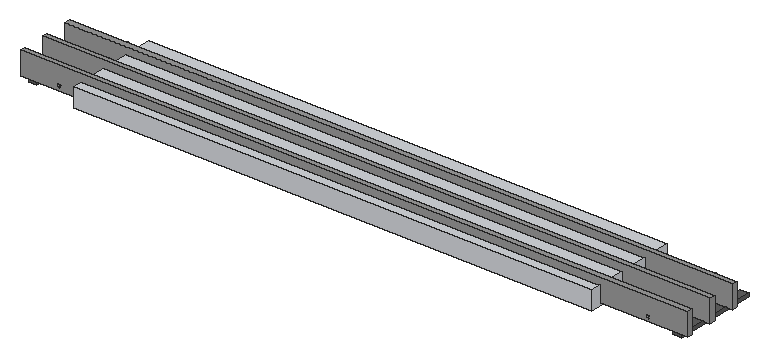
Revit family "1214-3, Veneer", category Generic Models, host Face, Revit 2020
Family settings
  Host = Face
  Can host rebar = No
  Round Connector Dimension = Use Diameter
  Part Type = Normal
  Cut with Voids When Loaded = No
  Shared = No
  Room Calculation Point = No
Parameters
  min_value [instance] = 1' - 11 1/4"  # constant formula
  max_value [instance] = 9' - 11 1/4"  # constant formula
  actual_value [instance] = if(NET LENGTH < min_value, min_value, if(NET LENGTH > max_value, max_value, NET LENGTH))  # 7' - 11 1/4"
  NET LENGTH [instance] = 7' - 11 1/4"
  IMPORTANT NOTE!!!                                                                             *Backer & dowel layout is for visualization purposes only, final layout to be determined by 9Wood. [instance] = ""
  Default Elevation = 4' - 0"
  DOWEL RADIUS [instance] = 0' - 0 1/4"  # constant formula
  BACKING M MATERIAL [instance] = BLACK-BACKERS
  .. MEMBER WIDTH [instance] = 0' - 0 3/4"  # constant formula
  .. MEMBER MATERIAL [instance] = WESTERN HEMLOCK
  .. MEMBER DEPTH [instance] = 0' - 3 1/4"  # constant formula
  .. MEMBER COUNT [instance] = 3  # constant formula
Reference planes (in)
  plane 1 "Center (Front/Back)": y = 0
  plane 2: z = 2.726
  plane 3 "Center (Left/Right)": x = 0
Forms (in)
  Extrusion 1, solid
    sketch origin (15, -0.86619, -0.99308) x (0, 1, 0) y (-1, 0, 0)
      loop
        line (3.42869, -23.66817) -> (3.42869, 50.25) -> (-10, 50.25) -> (-10, -23.66817) -> (3.42869, -23.66817)
    from 3.71908 to 1.00111
Dimensions and locks (in)
  aligned and locked: plane 2 to Extrusion 1
Nested families (in)
  nested 1: "1200 Series" at (-44, -2, 1.87867), NET LENGTH <- "actual_value", DOWEL RADII <- "DOWEL RADIUS", .. MEMBER WIDTH <- ".. MEMBER WIDTH", .. MEMBER DEPTH <- ".. MEMBER DEPTH", .. MEMBER MATERIAL <- ".. MEMBER MATERIAL", BACKING M MATERIAL <- "BACKING M MATERIAL", .. MEMBER COUNT <- ".. MEMBER COUNT", type "1200 Series"
    with X 7' - 4", WIDTH 1' - 0 1/16", Space 0' - 0 11/16", START 0' - 0 3/8", SCRIM MATERIAL SCRIM, SCRIM 3 8' - 1", SCRIM 2 0' - 0 7/8", SCRIM 1 0' - 0 3/32", SCRIM yes, NET LENGTH 7' - 11 1/4", N 8, INSET 3 0' - 0 3/16", INSET 0' - 1", INDEX 0' - 5 5/8", END BACKER yes, DOWEL RADII 0' - 0 1/4", DOWEL COUNT 8, BACKING M WIDTH 0' - 1 1/4", BACKING M MATERIAL BLACK-BACKERS, BACKING M LENGTH 0' - 11 7/8", BACKING M DEPTH 0' - 0 1/2", .. MEMBER WIDTH 0' - 0 3/4", .. MEMBER OC TYP 0' - 4", .. MEMBER MATERIAL WESTERN HEMLOCK, .. MEMBER DEPTH 0' - 3 1/4", .. MEMBER COUNT 3
Definition of nested family "1200 Series"
  Parameters (values of type "1200 Series")
    X [instance] = NET LENGTH - (0' 3 5/8" * 2)  # 6' - 2"
    WIDTH [instance] = 1' - 0 1/16"
    Space [instance] = 0' - 0 11/16"  # constant formula
    START [instance] = .. MEMBER WIDTH / 2  # 0' - 0 3/8"
    SCRIM MATERIAL [instance] = none
    SCRIM 3 [instance] = NET LENGTH + (SCRIM 2 * 2)  # 6' - 11"
    SCRIM 2 [instance] = 0' - 0 7/8"
    SCRIM 1 [instance] = 0' - 0 3/32"
    SCRIM [instance] = yes
    NET LENGTH [instance] = 6' - 9 1/4"
    N [instance] = if((X - (rounddown(X / 1' 0") * 1' 0")) > 1' 0", rounddown(X / 1' 0") + 2, rounddown(X / 1' 0") + 1)  # 7
    INSET 3 [instance] = 0' - 0 3/16"
    INSET [instance] = 0' - 1"
    INDEX [instance] = (NET LENGTH - ((N - 1) * 1' 0")) / 2  # 0' - 4 5/8"
    END BACKER [instance] = yes
    Default Elevation = 0' - 0"
    DOWEL RADII [instance] = 0' - 0 1/4"
    DOWEL COUNT [instance] = N  # 7
    BACKING M WIDTH [instance] = 0' - 1 1/4"
    BACKING M MATERIAL [instance] = none
    BACKING M LENGTH [instance] = 0' - 11 7/8"
    BACKING M DEPTH [instance] = 0' - 0 1/2"
    .. MEMBER WIDTH [instance] = 0' - 0 3/4"
    .. MEMBER OC TYP [instance] = 1' 0" / .. MEMBER COUNT  # 0' - 3"
    .. MEMBER MATERIAL [instance] = none
    .. MEMBER DEPTH [instance] = 0' - 1 3/8"
    .. MEMBER COUNT [instance] = 4
  Reference planes (in)
    plane 1 "Center (Front/Back)": y = -7.5
    plane 2: z = 0
    plane 3 "Center (Left/Right)": x = 0
    plane 4: x = 1
    plane 5: x = 4.625
    plane 6: x = 81.25
    plane 7: x = 80.25
    plane 8: x = 16.625
    plane 9: y = -7.3125
    plane 10: y = -4.125
    plane 11: y = -7.125
    plane 12: y = 4.5625
    plane 13: y = -4.5
    plane 14: y = -7.59375
    plane 15: x = 82.125
    plane 16: y = 4.65625
    plane 17: x = -0.875
    plane 18: z = -1.375
    plane 19: z = -0.6875
  Lines and regions (in)
    model lines
      curve 1: line (4.375, -7.5, -0.6875) -> (4.875, -7.5, -0.6875)
    model lines, not visible
      curve 2: line (4.625, -7.5, -0.9375) -> (4.625, -7.5, -0.4375)
      curve 3: line (4.375, -7.5, -0.6875) -> (4.875, -7.5, -0.6875)
      curve 4: line (16.625, -7.5, -0.9375) -> (16.625, -7.5, -0.4375)
      curve 5: line (16.375, -7.5, -0.6875) -> (16.875, -7.5, -0.6875)
      curve 6: line (28.625, -7.5, -0.9375) -> (28.625, -7.5, -0.4375)
      curve 7: line (28.375, -7.5, -0.6875) -> (28.875, -7.5, -0.6875)
      curve 8: line (40.625, -7.5, -0.9375) -> (40.625, -7.5, -0.4375)
      curve 9: line (40.375, -7.5, -0.6875) -> (40.875, -7.5, -0.6875)
      curve 10: line (52.625, -7.5, -0.9375) -> (52.625, -7.5, -0.4375)
      curve 11: line (52.375, -7.5, -0.6875) -> (52.875, -7.5, -0.6875)
      curve 12: line (64.625, -7.5, -0.9375) -> (64.625, -7.5, -0.4375)
      curve 13: line (64.375, -7.5, -0.6875) -> (64.875, -7.5, -0.6875)
      curve 14: line (76.625, -7.5, -0.9375) -> (76.625, -7.5, -0.4375)
      curve 15: line (76.375, -7.5, -0.6875) -> (76.875, -7.5, -0.6875)
  Dimensions and locks (in)
    "NET LENGTH": plane 3 "Center (Left/Right)" to plane 6
    "INSET": plane 7 to plane 6
    "INDEX": plane 3 "Center (Left/Right)" to plane 5
    plane 5 to plane 8 = 1' - 0"
    "INSET 3": plane 1 "Center (Front/Back)" to plane 9
    equal spacing: group 1, group 2, group 3, group 4  (x3)
    "START": plane 11 to plane 1 "Center (Front/Back)"
    ".. MEMBER OC TYP": plane 10 to plane 11
    "WIDTH": plane 12 to plane 1 "Center (Front/Back)"
    "START": plane 10 to plane 13
    "SCRIM 1": plane 14 to plane 1 "Center (Front/Back)"
    "SCRIM 2": plane 6 to plane 15
    "SCRIM 1": plane 12 to plane 16
    "SCRIM 2": plane 17 to plane 3 "Center (Left/Right)"
    "INSET": plane 3 "Center (Left/Right)" to plane 4
    equal spacing: group 5, group 6, group 7, group 8, group 9, group 10, group 11  (x3)
    "Space": plane 19 to plane 18
    aligned and locked: level to plane 2
    aligned and locked: nested 1 to plane 4  (x2)
    aligned and locked: plane 7 to nested 2
    aligned and locked: plane 5 to nested 3
    aligned and locked: nested 1 to plane 9
    aligned and locked: plane 1 "Center (Front/Back)" to nested 4
    aligned and locked: plane 9 to nested 2
    aligned and locked: plane 13 to nested 5
    aligned and locked: nested 3 to plane 9
    aligned and locked: plane 18 to nested 1
    aligned and locked: plane 19 to nested 3
    aligned and locked: curve 1 to plane 19
    aligned and locked: plane 8 to curve 4
    aligned and locked: curve 5 to plane 19
    aligned and locked: nested 4 to plane 18
  Automatic sketch dimensions
    curve 1 to curve 1 = 0' - 0 1/2"
    curve 1 to plane 5 = 0' - 0 1/4"
    plane 5 to curve 1 = 0' - 0 1/4"
    curve 3 to curve 2 = 0' - 0 1/4"  (x2)
    curve 2 to curve 3 = 0' - 0 1/4"  (x2)
    curve 5 to curve 4 = 0' - 0 1/4"  (x2)
    curve 4 to curve 5 = 0' - 0 1/4"  (x2)
    curve 7 to curve 6 = 0' - 0 1/4"  (x2)
    curve 6 to curve 7 = 0' - 0 1/4"  (x2)
    curve 9 to curve 8 = 0' - 0 1/4"  (x2)
    curve 8 to curve 9 = 0' - 0 1/4"  (x2)
    curve 11 to curve 10 = 0' - 0 1/4"  (x2)
    curve 10 to curve 11 = 0' - 0 1/4"  (x2)
    curve 13 to curve 12 = 0' - 0 1/4"  (x2)
    curve 12 to curve 13 = 0' - 0 1/4"  (x2)
    curve 15 to curve 14 = 0' - 0 1/4"  (x2)
    curve 14 to curve 15 = 0' - 0 1/4"  (x2)
  Nested families (in)
    nested 1: "INSTANCE - 2ND -  EXTEND SIDE H CENTER W - Parametric Cube" at (1, -1.375, -1.375) x (0, -1, 0) z (0, 0, 1), Width <- "BACKING M LENGTH", Length <- "BACKING M WIDTH", Material <- "BACKING M MATERIAL", Height <- "BACKING M DEPTH", visible <- "END BACKER", type "INSTANCE - 2ND -  EXTEND SIDE H CENTER W - Parametric Cube"
      with Width 0' - 11 7/8", Material none, Length 0' - 1 1/4", Height 0' - 0 1/2"
    nested 2: "INSTANCE - 2ND -  EXTEND SIDE H CENTER W - Parametric Cube" at (80.25, -1.375, -1.375) x (0, -1, 0) z (0, 0, 1), Width <- "BACKING M LENGTH", Length <- "BACKING M WIDTH", Material <- "BACKING M MATERIAL", Height <- "BACKING M DEPTH", visible <- "END BACKER", type "INSTANCE - 2ND -  EXTEND SIDE H CENTER W - Parametric Cube"
      with Width 0' - 11 7/8", Material none, Length 0' - 1 1/4", Height 0' - 0 1/2"
    nested 3: "Family3" at (-5.375, -7.3125, -0.6875), DOWEL RADII <- "DOWEL RADII", BACKING MEM MATERIAL <- "BACKING M MATERIAL", type "Family3"
      with DOWEL RADII 0' - 0 1/4", DOWEL LENGTH 0' - 11 7/8", BACKING MEM MATERIAL none
    nested 4: "HOLED MEMBER" at (0, -18.75, 6.19404), DOWEL RADII <- "DOWEL RADII", .. MEMBER LENGTH <- "NET LENGTH", DOWEL COUNT <- "DOWEL COUNT", DEPTH <- ".. MEMBER DEPTH", .. MEMBER WIDTH <- ".. MEMBER WIDTH", Material <- ".. MEMBER MATERIAL", DOWEL INDEX <- "INDEX", Space 2 <- "Space", type "HOLED MEMBER"
      with Width 0' - 6", Space 2 0' - 0 11/16", Material none, Length 1' - 0", Height 0' - 10.43096", DOWEL RADII 0' - 0 1/4", DOWEL OC DIST 1' - 0", DOWEL INDEX 0' - 4 5/8", DOWEL COUNT 7, DEPTH 0' - 1 3/8", .. MEMBER WIDTH 0' - 0 3/4", .. MEMBER LENGTH 6' - 9 1/4"
    nested 5: "HOLED MEMBER" at (0, -15.75, 6.19404), DOWEL RADII <- "DOWEL RADII", .. MEMBER LENGTH <- "NET LENGTH", DOWEL COUNT <- "DOWEL COUNT", DEPTH <- ".. MEMBER DEPTH", .. MEMBER WIDTH <- ".. MEMBER WIDTH", Material <- ".. MEMBER MATERIAL", DOWEL INDEX <- "INDEX", Space 2 <- "Space", type "HOLED MEMBER"
      with Width 0' - 6", Space 2 0' - 0 11/16", Material none, Length 1' - 0", Height 0' - 10.43096", DOWEL RADII 0' - 0 1/4", DOWEL OC DIST 1' - 0", DOWEL INDEX 0' - 4 5/8", DOWEL COUNT 7, DEPTH 0' - 1 3/8", .. MEMBER WIDTH 0' - 0 3/4", .. MEMBER LENGTH 6' - 9 1/4"
    nested 6: "HOLED MEMBER" at (0, -12.75, 6.19404), DOWEL RADII <- "DOWEL RADII", .. MEMBER LENGTH <- "NET LENGTH", DOWEL COUNT <- "DOWEL COUNT", DEPTH <- ".. MEMBER DEPTH", .. MEMBER WIDTH <- ".. MEMBER WIDTH", Material <- ".. MEMBER MATERIAL", DOWEL INDEX <- "INDEX", Space 2 <- "Space", type "HOLED MEMBER"
      with Width 0' - 6", Space 2 0' - 0 11/16", Material none, Length 1' - 0", Height 0' - 10.43096", DOWEL RADII 0' - 0 1/4", DOWEL OC DIST 1' - 0", DOWEL INDEX 0' - 4 5/8", DOWEL COUNT 7, DEPTH 0' - 1 3/8", .. MEMBER WIDTH 0' - 0 3/4", .. MEMBER LENGTH 6' - 9 1/4"
    nested 7: "HOLED MEMBER" at (0, -9.75, 6.19404), DOWEL RADII <- "DOWEL RADII", .. MEMBER LENGTH <- "NET LENGTH", DOWEL COUNT <- "DOWEL COUNT", DEPTH <- ".. MEMBER DEPTH", .. MEMBER WIDTH <- ".. MEMBER WIDTH", Material <- ".. MEMBER MATERIAL", DOWEL INDEX <- "INDEX", Space 2 <- "Space", type "HOLED MEMBER"
      with Width 0' - 6", Space 2 0' - 0 11/16", Material none, Length 1' - 0", Height 0' - 10.43096", DOWEL RADII 0' - 0 1/4", DOWEL OC DIST 1' - 0", DOWEL INDEX 0' - 4 5/8", DOWEL COUNT 7, DEPTH 0' - 1 3/8", .. MEMBER WIDTH 0' - 0 3/4", .. MEMBER LENGTH 6' - 9 1/4"
    nested 8: "Family3" at (6.625, -7.3125, -0.6875), DOWEL RADII <- "DOWEL RADII", BACKING MEM MATERIAL <- "BACKING M MATERIAL", type "Family3"
      with DOWEL RADII 0' - 0 1/4", DOWEL LENGTH 0' - 11 7/8", BACKING MEM MATERIAL none
    nested 9: "Family3" at (18.625, -7.3125, -0.6875), DOWEL RADII <- "DOWEL RADII", BACKING MEM MATERIAL <- "BACKING M MATERIAL", type "Family3"
      with DOWEL RADII 0' - 0 1/4", DOWEL LENGTH 0' - 11 7/8", BACKING MEM MATERIAL none
    nested 10: "Family3" at (30.625, -7.3125, -0.6875), DOWEL RADII <- "DOWEL RADII", BACKING MEM MATERIAL <- "BACKING M MATERIAL", type "Family3"
      with DOWEL RADII 0' - 0 1/4", DOWEL LENGTH 0' - 11 7/8", BACKING MEM MATERIAL none
    nested 11: "Family3" at (42.625, -7.3125, -0.6875), DOWEL RADII <- "DOWEL RADII", BACKING MEM MATERIAL <- "BACKING M MATERIAL", type "Family3"
      with DOWEL RADII 0' - 0 1/4", DOWEL LENGTH 0' - 11 7/8", BACKING MEM MATERIAL none
    nested 12: "Family3" at (54.625, -7.3125, -0.6875), DOWEL RADII <- "DOWEL RADII", BACKING MEM MATERIAL <- "BACKING M MATERIAL", type "Family3"
      with DOWEL RADII 0' - 0 1/4", DOWEL LENGTH 0' - 11 7/8", BACKING MEM MATERIAL none
    nested 13: "Family3" at (66.625, -7.3125, -0.6875), DOWEL RADII <- "DOWEL RADII", BACKING MEM MATERIAL <- "BACKING M MATERIAL", type "Family3"
      with DOWEL RADII 0' - 0 1/4", DOWEL LENGTH 0' - 11 7/8", BACKING MEM MATERIAL none
  Definition of nested family "INSTANCE - 2ND -  EXTEND SIDE H CENTER W - Parametric Cube"
    Parameters (values of type "INSTANCE - 2ND -  EXTEND SIDE H CENTER W - Parametric Cube")
      Width [instance] = 0' - 6"
      Material [instance] = none
      Length [instance] = 1' - 0"
      Height [instance] = 1' - 6"
      Default Elevation = 0' - 0"
    Reference planes (in)
      plane 1 "Center (Front/Back)": y = 0
      plane 2: z = 0
      plane 3 "Center (Left/Right)": x = 0
      plane 4: x = -3
      plane 5: x = 3
      plane 6: y = 12
      plane 7: z = -18
    Forms (in)
      Extrusion 1, solid, material <- "Material"
        sketch origin (0, 6, 0) x (1, 0, 0) y (0, 1, 0)
          loop
            line (-3, 6) -> (-3, -6) -> (3, -6) -> (3, 6) -> (-3, 6)
        from -18 to 0
    Dimensions and locks (in)
      equal spacing: plane 4, plane 3 "Center (Left/Right)", plane 5
      "Width": plane 4 to plane 5
      "Height": plane 7 to level
      "Length": plane 1 "Center (Front/Back)" to plane 6
      aligned and locked: plane 2 to level
      aligned and locked: plane 4 to Extrusion 1 sketch curve
      aligned and locked: Extrusion 1 sketch curve to plane 5
      aligned and locked: Extrusion 1 to plane 7
      aligned and locked: plane 6 to Extrusion 1
    Automatic sketch dimensions
      plane 1 "Center (Front/Back)" to Extrusion 1 sketch curve = 0' - 0"
      plane 6 to Extrusion 1 sketch curve = 0' - 0"
  Definition of nested family "Family3"
    Parameters (values of type "Family3")
      Default Elevation = 0' - 0"
      DOWEL RADII [instance] = 0' - 0 5/8"
      DOWEL LENGTH [instance] = 0' - 5"
      BACKING MEM MATERIAL [instance] = none
    Reference planes (in)
      plane 1 "Center (Front/Back)": y = 0
      plane 2: z = 0
      plane 3 "Center (Left/Right)": x = 0
      plane 4: y = 5
    Forms (in)
      Extrusion 1, solid, material <- "BACKING MEM MATERIAL"
        sketch origin (10, 0, 0) x (1, 0, 0) y (0, 0, 1)
          loop
            circle (0, 0) r 0.625
        from 0 to -5
      Extrusion 2, solid, not visible
        sketch origin (0, 0, 0) x (1, 0, 0) y (0, 0, 1)
          loop
            circle (0, 0) r 0.625
        from 0 to 12
      Extrusion 3, solid, not visible
        sketch origin (10, 0, 0) x (1, 0, 0) y (0, 0, 1)
          loop
            circle (0, 0) r 0.625
        from 0 to 2.5
      Extrusion 4, solid, not visible
        sketch origin (10, 0, 0) x (1, 0, 0) y (0, 0, 1)
          loop
            circle (0, 0) r 0.625
        from 0 to -12
    Lines and regions (in)
      model lines, not visible
        curve 1: line (-13, 0, 0) -> (-13, -12, 0)
        curve 2: line (13, 0, 0) -> (13, -12, 0)
        curve 3: line (9.89453, 0, 0) -> (10.08794, 0, 0)
        curve 4: line (9.89453, -2.5, 0) -> (10.08794, -2.5, 0)
        curve 6: line (10, 0, 0) -> (10, 2, 0)
      model lines
        curve 5: line (10, 0, 0) -> (10, 2, 0)
    Dimensions and locks (in)
      "DOWEL LENGTH": plane 1 "Center (Front/Back)" to plane 4
      "DOWEL RADII": radius of Extrusion 1 sketch curve
      "DOWEL RADII": radius of Extrusion 2 sketch curve
      "DOWEL RADII": radius of Extrusion 3 sketch curve
      "DOWEL RADII": radius of Extrusion 4 sketch curve
      "DOWEL RADII": radius of Extrusion 1
      aligned and locked: plane 2 to level
      aligned and locked: Extrusion 1 to plane 1 "Center (Front/Back)"  (x3)
      aligned and locked: plane 1 "Center (Front/Back)" to Extrusion 1
      aligned and locked: plane 4 to Extrusion 1
    Automatic sketch dimensions
      plane 1 "Center (Front/Back)" to curve 5 = 0' - 0"
      curve 5 to plane 1 "Center (Front/Back)" = 0' - 2"
      plane 3 "Center (Left/Right)" to curve 5 = 0' - 10"
      Extrusion 1 sketch curve to level = 0' - 0"
      plane 3 "Center (Left/Right)" to Extrusion 1 sketch curve = 0' - 10"
  Definition of nested family "HOLED MEMBER"
    Parameters (values of type "HOLED MEMBER")
      Width [instance] = 0' - 6"
      Space 2 [instance] = 0' - 0 5/8"
      Space = 0' - 0 5/8"
      Material [instance] = none
      Length [instance] = 1' - 0"
      Height [instance] = 0' - 10.43096"
      Default Elevation = 0' - 0"
      DOWEL RADII [instance] = 0' - 0.34537"
      DOWEL OC DIST [instance] = 1' - 0"
      DOWEL INSET = 0' - 0 5/8"
      DOWEL INDEX [instance] = 0' - 5 5/8"
      DOWEL COUNT [instance] = 6
      DEPTH [instance] = 0' - 2"
      .. MEMBER WIDTH [instance] = 0' - 0 5/8"
      .. MEMBER LENGTH [instance] = 5' - 11 3/4"
    Reference planes (in)
      plane 1 "Center (Front/Back)": y = 12
      plane 2: z = -7.56904
      plane 3 "Center (Left/Right)": x = 0
      plane 4: x = 5.625
      plane 5: x = 17.625
      plane 6: y = 11.375
      plane 7: x = 71.75
      plane 8: z = -6.94404
      plane 9: z = -5.56904
    Forms (in)
      Extrusion 1, solid, material <- "Material"
        sketch origin (0, 12, -13.56904) x (1, 0, 0) y (0, 0, 1)
          loop
            line (0, 6) -> (71.75, 6) -> (71.75, 8) -> (0, 8) -> (0, 6)
        from 0.625 to 0
      Extrusion 2, void
        sketch origin (0, 12, -18.31904) x (1, 0, 0) y (0, 0, 1)
          loop
            circle (5.625, 11.375) r 0.34537
        from 0 to 12
      Extrusion 3, void, not visible
        sketch origin (0, 1.25, 0) x (1, 0, 0) y (0, 1, 0)
          loop
            circle (5.625, 11.375) r 0.34537
        from 0 to 12
      Extrusion 4, void, not visible
        sketch origin (0, 1.25, 0) x (1, 0, 0) y (0, 1, 0)
          loop
            circle (5.625, 11.375) r 0.34537
        from 0 to 12
      Extrusion 5, void, not visible
        sketch origin (12, 1.25, 0) x (1, 0, 0) y (0, 1, 0)
          loop
            circle (5.625, 11.375) r 0.34537
        from 0 to 12
      Extrusion 6, void, not visible
        sketch origin (0, 12, -16.31904) x (1, 0, 0) y (0, 0, 1)
          loop
            circle (5.625, 11.375) r 0.34537
        from 0 to 12
      Extrusion 7, void, not visible
        sketch origin (12, 12, -16.31904) x (1, 0, 0) y (0, 0, 1)
          loop
            circle (5.625, 11.375) r 0.34537
        from 0 to 12
      Extrusion 8, void, not visible
        sketch origin (0, 12, -18.31904) x (1, 0, 0) y (0, 0, 1)
          loop
            circle (5.625, 11.375) r 0.34537
        from 0 to 12
      Extrusion 9, void
        sketch origin (12, 12, -18.31904) x (1, 0, 0) y (0, 0, 1)
          loop
            circle (5.625, 11.375) r 0.34537
        from 0 to 12
      Extrusion 10, void, not visible
        sketch origin (24, 12, -16.31904) x (1, 0, 0) y (0, 0, 1)
          loop
            circle (5.625, 11.375) r 0.34537
        from 0 to 12
      Extrusion 11, void, not visible
        sketch origin (36, 12, -16.31904) x (1, 0, 0) y (0, 0, 1)
          loop
            circle (5.625, 11.375) r 0.34537
        from 0 to 12
      Extrusion 12, void, not visible
        sketch origin (48, 12, -16.31904) x (1, 0, 0) y (0, 0, 1)
          loop
            circle (5.625, 11.375) r 0.34537
        from 0 to 12
      Extrusion 13, void, not visible
        sketch origin (60, 12, -16.31904) x (1, 0, 0) y (0, 0, 1)
          loop
            circle (5.625, 11.375) r 0.34537
        from 0 to 12
      Extrusion 14, void, not visible
        sketch origin (24, 1.25, 0) x (1, 0, 0) y (0, 1, 0)
          loop
            circle (5.625, 11.375) r 0.34537
        from 0 to 12
      Extrusion 15, void, not visible
        sketch origin (36, 1.25, 0) x (1, 0, 0) y (0, 1, 0)
          loop
            circle (5.625, 11.375) r 0.34537
        from 0 to 12
      Extrusion 16, void, not visible
        sketch origin (48, 1.25, 0) x (1, 0, 0) y (0, 1, 0)
          loop
            circle (5.625, 11.375) r 0.34537
        from 0 to 12
      Extrusion 17, void, not visible
        sketch origin (60, 1.25, 0) x (1, 0, 0) y (0, 1, 0)
          loop
            circle (5.625, 11.375) r 0.34537
        from 0 to 12
      Extrusion 18, void
        sketch origin (24, 12, -18.31904) x (1, 0, 0) y (0, 0, 1)
          loop
            circle (5.625, 11.375) r 0.34537
        from 0 to 12
      Extrusion 19, void
        sketch origin (36, 12, -18.31904) x (1, 0, 0) y (0, 0, 1)
          loop
            circle (5.625, 11.375) r 0.34537
        from 0 to 12
      Extrusion 20, void
        sketch origin (48, 12, -18.31904) x (1, 0, 0) y (0, 0, 1)
          loop
            circle (5.625, 11.375) r 0.34537
        from 0 to 12
      Extrusion 21, void
        sketch origin (60, 12, -18.31904) x (1, 0, 0) y (0, 0, 1)
          loop
            circle (5.625, 11.375) r 0.34537
        from 0 to 12
    Cuts and joins
      Extrusion 2, Extrusion 9, Extrusion 18, Extrusion 19, Extrusion 20, Extrusion 21 cuts Extrusion 1
    Lines and regions (in)
      model lines, not visible
        curve 1: line (5.625, 11.72037, 0) -> (5.625, 11.02963, 0)
        curve 2: line (5.625, 11.72037, 0) -> (5.625, 11.02963, 0)
        curve 3: line (17.625, 11.72037, 0) -> (17.625, 11.02963, 0)
        curve 4: line (5.625, 12, -7.56904) -> (5.625, 11.87317, -7.56904)
        curve 5: line (5.625, 11.87317, -7.56904) -> (5.06195, 11.87317, -7.56904)
        curve 6: line (5.06195, 11.87317, -7.56904) -> (5.27963, 11.375, -7.56904)
        curve 7: line (0, 12, -6.19404) -> (0, 11.61951, -6.19404)
        curve 8: line (0, 11.375, -8.19404) -> (0, 11.6747, -8.19404)
        curve 9: line (5.625, 12, -7.56904) -> (5.625, 11.69863, -7.56904)
        curve 11: line (5.625, 12, 0) -> (5.625, 12, 0.30137)
        curve 12: line (5.625, 12, 0) -> (5.625, 12, 0.30137)
        curve 13: line (17.625, 12, 0) -> (17.625, 12, 0.30137)
        curve 14: line (5.625, 12, -5.56904) -> (5.625, 11.69863, -5.56904)
        curve 15: line (17.625, 12, -5.56904) -> (17.625, 11.69863, -5.56904)
        curve 16: line (5.625, 12, -7.56904) -> (5.625, 11.69863, -7.56904)
        curve 18: line (29.625, 12, -5.56904) -> (29.625, 11.69863, -5.56904)
        curve 19: line (41.625, 12, -5.56904) -> (41.625, 11.69863, -5.56904)
        curve 20: line (53.625, 12, -5.56904) -> (53.625, 11.69863, -5.56904)
        curve 21: line (65.625, 12, -5.56904) -> (65.625, 11.69863, -5.56904)
        curve 22: line (29.625, 11.72037, 0) -> (29.625, 11.02963, 0)
        curve 23: line (29.625, 12, 0) -> (29.625, 12, 0.30137)
        curve 24: line (41.625, 11.72037, 0) -> (41.625, 11.02963, 0)
        curve 25: line (41.625, 12, 0) -> (41.625, 12, 0.30137)
        curve 26: line (53.625, 11.72037, 0) -> (53.625, 11.02963, 0)
        curve 27: line (53.625, 12, 0) -> (53.625, 12, 0.30137)
        curve 28: line (65.625, 11.72037, 0) -> (65.625, 11.02963, 0)
        curve 29: line (65.625, 12, 0) -> (65.625, 12, 0.30137)
        curve 35: line (5.27963, 12.625, 0) -> (5.97037, 12.625, 0)
        curve 36: line (5.27963, 12.625, 0) -> (5.97037, 12.625, 0)
        curve 37: line (17.27963, 12.625, 0) -> (17.97037, 12.625, 0)
        curve 38: line (5.27963, 12, -4.94404) -> (5.97037, 12, -4.94404)
        curve 39: line (17.27963, 12, -4.94404) -> (17.97037, 12, -4.94404)
        curve 40: line (5.27963, 12, -6.94404) -> (5.97037, 12, -6.94404)
        curve 42: line (29.27963, 12, -4.94404) -> (29.97037, 12, -4.94404)
        curve 43: line (41.27963, 12, -4.94404) -> (41.97037, 12, -4.94404)
        curve 44: line (53.27963, 12, -4.94404) -> (53.97037, 12, -4.94404)
        curve 45: line (65.27963, 12, -4.94404) -> (65.97037, 12, -4.94404)
        curve 46: line (29.27963, 12.625, 0) -> (29.97037, 12.625, 0)
        curve 47: line (41.27963, 12.625, 0) -> (41.97037, 12.625, 0)
        curve 48: line (53.27963, 12.625, 0) -> (53.97037, 12.625, 0)
        curve 49: line (65.27963, 12.625, 0) -> (65.97037, 12.625, 0)
        curve 54: line (0, 12, -6.94404) -> (0, 4.22059, -6.94404)
        curve 55: line (0, 12.625, 0) -> (0, 12.625, 7.77941)
        curve 56: line (0, 12.625, 0) -> (0, 12.625, 7.77941)
        curve 57: line (12, 12.625, 0) -> (12, 12.625, 7.77941)
        curve 58: line (0, 12, -4.94404) -> (0, 4.22059, -4.94404)
        curve 59: line (12, 12, -4.94404) -> (12, 4.22059, -4.94404)
        curve 60: line (0, 12, -6.94404) -> (0, 4.22059, -6.94404)
        curve 61: line (12, 12, -6.94404) -> (12, 4.22059, -6.94404)
        curve 62: line (24, 12, -4.94404) -> (24, 4.22059, -4.94404)
        curve 63: line (36, 12, -4.94404) -> (36, 4.22059, -4.94404)
        curve 64: line (48, 12, -4.94404) -> (48, 4.22059, -4.94404)
        curve 65: line (60, 12, -4.94404) -> (60, 4.22059, -4.94404)
        curve 66: line (24, 12.625, 0) -> (24, 12.625, 7.77941)
        curve 67: line (36, 12.625, 0) -> (36, 12.625, 7.77941)
        curve 68: line (48, 12.625, 0) -> (48, 12.625, 7.77941)
        curve 69: line (60, 12.625, 0) -> (60, 12.625, 7.77941)
        curve 70: line (24, 12, -6.94404) -> (24, 4.22059, -6.94404)
        curve 71: line (36, 12, -6.94404) -> (36, 4.22059, -6.94404)
        curve 72: line (48, 12, -6.94404) -> (48, 4.22059, -6.94404)
        curve 73: line (60, 12, -6.94404) -> (60, 4.22059, -6.94404)
      model lines
        curve 10: line (5.625, 12, -7.56904) -> (5.625, 11.69863, -7.56904)
        curve 17: line (17.625, 12, -7.56904) -> (17.625, 11.69863, -7.56904)
        curve 30: line (29.625, 12, -7.56904) -> (29.625, 11.69863, -7.56904)
        curve 31: line (41.625, 12, -7.56904) -> (41.625, 11.69863, -7.56904)
        curve 32: line (53.625, 12, -7.56904) -> (53.625, 11.69863, -7.56904)
        curve 33: line (65.625, 12, -7.56904) -> (65.625, 11.69863, -7.56904)
        curve 34: line (5.27963, 12, -6.94404) -> (5.97037, 12, -6.94404)
        curve 41: line (17.27963, 12, -6.94404) -> (17.97037, 12, -6.94404)
        curve 50: line (29.27963, 12, -6.94404) -> (29.97037, 12, -6.94404)
        curve 51: line (41.27963, 12, -6.94404) -> (41.97037, 12, -6.94404)
        curve 52: line (53.27963, 12, -6.94404) -> (53.97037, 12, -6.94404)
        curve 53: line (65.27963, 12, -6.94404) -> (65.97037, 12, -6.94404)
    Dimensions and locks (in)
      "DOWEL INDEX": plane 3 "Center (Left/Right)" to plane 4
      "DOWEL OC DIST": plane 4 to plane 5
      ".. MEMBER LENGTH": plane 3 "Center (Left/Right)" to plane 7
      equal spacing: group 3, group 4, group 17, group 18, group 19, group 20  (x3)
      equal spacing: group 7, group 8, group 13, group 14, group 15, group 16  (x3)
      equal spacing: group 1, group 12, group 21, group 22, group 23, group 24  (x3)
      ".. MEMBER WIDTH": plane 6 to plane 1 "Center (Front/Back)"
      "DEPTH": plane 9 to level
      "Space 2": plane 8 to level
      "DOWEL RADII": radius of Extrusion 2 sketch curve
      "DOWEL RADII": radius of Extrusion 3 sketch curve
      "DOWEL RADII": radius of Extrusion 4 sketch curve
      "DOWEL RADII": radius of Extrusion 5 sketch curve
      "DOWEL RADII": radius of Extrusion 6 sketch curve
      "DOWEL RADII": radius of Extrusion 7 sketch curve
      "DOWEL RADII": radius of Extrusion 8 sketch curve
      "DOWEL RADII": radius of Extrusion 9 sketch curve
      "DOWEL RADII": radius of Extrusion 10 sketch curve
      "DOWEL RADII": radius of Extrusion 11 sketch curve
      "DOWEL RADII": radius of Extrusion 12 sketch curve
      "DOWEL RADII": radius of Extrusion 13 sketch curve
      "DOWEL RADII": radius of Extrusion 14 sketch curve
      "DOWEL RADII": radius of Extrusion 15 sketch curve
      "DOWEL RADII": radius of Extrusion 16 sketch curve
      "DOWEL RADII": radius of Extrusion 17 sketch curve
      "DOWEL RADII": radius of Extrusion 18 sketch curve
      "DOWEL RADII": radius of Extrusion 19 sketch curve
      "DOWEL RADII": radius of Extrusion 20 sketch curve
      "DOWEL RADII": radius of Extrusion 21 sketch curve
      aligned and locked: level to plane 2
      aligned and locked: Extrusion 1 to plane 3 "Center (Left/Right)"  (x2)
      aligned and locked: plane 7 to cut or joined group of Extrusion 1, Extrusion 2, Extrusion 9, Extrusion 18, Extrusion 19, Extrusion 20, Extrusion 21  (x2)
      aligned and locked: cut or joined group of Extrusion 1, Extrusion 2, Extrusion 9, Extrusion 18, Extrusion 19, Extrusion 20, Extrusion 21 to plane 1 "Center (Front/Back)"  (x2)
      aligned and locked: cut or joined group of Extrusion 1, Extrusion 2, Extrusion 9, Extrusion 18, Extrusion 19, Extrusion 20, Extrusion 21 to plane 6  (x2)
      aligned and locked: plane 4 to curve 10
      aligned and locked: plane 5 to curve 17
      aligned and locked: plane 9 to cut or joined group of Extrusion 1, Extrusion 2, Extrusion 9, Extrusion 18, Extrusion 19, Extrusion 20, Extrusion 21  (x2)
      aligned and locked: cut or joined group of Extrusion 1, Extrusion 2, Extrusion 9, Extrusion 18, Extrusion 19, Extrusion 20, Extrusion 21 to level
      aligned and locked: plane 8 to Extrusion 2
      aligned and locked: curve 34 to plane 8
      aligned and locked: curve 41 to plane 8
      aligned and locked: level to curve 10
      aligned and locked: curve 10 to level
      aligned and locked: plane 8 to cut or joined group of Extrusion 1, Extrusion 2, Extrusion 9, Extrusion 18, Extrusion 19, Extrusion 20, Extrusion 21
      aligned and locked: curve 54 to plane 8
    Automatic sketch dimensions
      curve 1 to curve 1 = 0' - 0.69074"
      curve 2 to curve 2 = 0' - 0.69074"
      curve 3 to curve 3 = 0' - 0.69074"
      Extrusion 1 sketch curve to plane 3 "Center (Left/Right)" = 0' - 0"
      Extrusion 1 sketch curve to plane 7 = 0' - 0"
      Extrusion 1 sketch curve to Extrusion 1 sketch curve = 0' - 2"
      level to Extrusion 1 sketch curve = 0' - 0"
      curve 9 to curve 9 = 0' - 0.30137"
      curve 10 to curve 10 = 0' - 0.30137"
      curve 11 to curve 11 = 0' - 0.30137"
      curve 12 to curve 12 = 0' - 0.30137"
      curve 13 to curve 13 = 0' - 0.30137"
      curve 14 to curve 14 = 0' - 0.30137"
      curve 15 to curve 15 = 0' - 0.30137"
      curve 16 to curve 16 = 0' - 0.30137"
      curve 17 to curve 17 = 0' - 0.30137"
      curve 18 to curve 18 = 0' - 0.30137"
      curve 19 to curve 19 = 0' - 0.30137"
      curve 20 to curve 20 = 0' - 0.30137"
      curve 21 to curve 21 = 0' - 0.30137"
      curve 22 to curve 22 = 0' - 0.69074"
      curve 23 to curve 23 = 0' - 0.30137"
      curve 24 to curve 24 = 0' - 0.69074"
      curve 25 to curve 25 = 0' - 0.30137"
      curve 26 to curve 26 = 0' - 0.69074"
      curve 27 to curve 27 = 0' - 0.30137"
      curve 28 to curve 28 = 0' - 0.69074"
      curve 29 to curve 29 = 0' - 0.30137"
      curve 30 to curve 30 = 0' - 0.30137"
      curve 31 to curve 31 = 0' - 0.30137"
      curve 32 to curve 32 = 0' - 0.30137"
      curve 33 to curve 33 = 0' - 0.30137"
      curve 34 to curve 34 = 0' - 0.69074"
      curve 35 to curve 35 = 0' - 0.69074"
      curve 36 to curve 36 = 0' - 0.69074"
      curve 37 to curve 37 = 0' - 0.69074"
      curve 38 to curve 38 = 0' - 0.69074"
      curve 39 to curve 39 = 0' - 0.69074"
      curve 40 to curve 40 = 0' - 0.69074"
      curve 41 to curve 41 = 0' - 0.69074"
      curve 42 to curve 42 = 0' - 0.69074"
      curve 43 to curve 43 = 0' - 0.69074"
      curve 44 to curve 44 = 0' - 0.69074"
      curve 45 to curve 45 = 0' - 0.69074"
      curve 46 to curve 46 = 0' - 0.69074"
      curve 47 to curve 47 = 0' - 0.69074"
      curve 48 to curve 48 = 0' - 0.69074"
      curve 49 to curve 49 = 0' - 0.69074"
      curve 50 to curve 50 = 0' - 0.69074"
      curve 51 to curve 51 = 0' - 0.69074"
      curve 52 to curve 52 = 0' - 0.69074"
      curve 53 to curve 53 = 0' - 0.69074"
      curve 54 to curve 54 = 0' - 7.77941"
      curve 55 to curve 55 = 0' - 7.77941"
      curve 56 to curve 56 = 0' - 7.77941"
      curve 57 to curve 57 = 0' - 7.77941"
      curve 58 to curve 58 = 0' - 7.77941"
      curve 59 to curve 59 = 0' - 7.77941"
      curve 60 to curve 60 = 0' - 7.77941"
      curve 61 to curve 61 = 0' - 7.77941"
      curve 62 to curve 62 = 0' - 7.77941"
      curve 63 to curve 63 = 0' - 7.77941"
      curve 64 to curve 64 = 0' - 7.77941"
      curve 65 to curve 65 = 0' - 7.77941"
      curve 66 to curve 66 = 0' - 7.77941"
      curve 67 to curve 67 = 0' - 7.77941"
      curve 68 to curve 68 = 0' - 7.77941"
      curve 69 to curve 69 = 0' - 7.77941"
      curve 70 to curve 70 = 0' - 7.77941"
      curve 71 to curve 71 = 0' - 7.77941"
      curve 72 to curve 72 = 0' - 7.77941"
      curve 73 to curve 73 = 0' - 7.77941"
